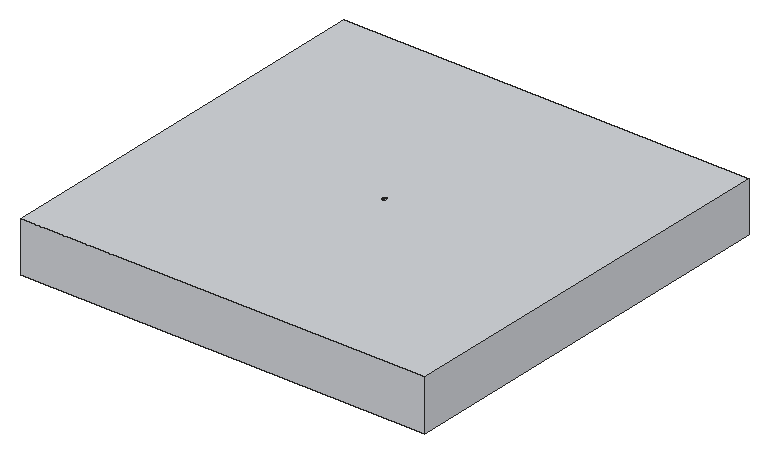
Revit family "Einschlaganker E und ES, gvz", category HLS-Bauteile, Revit 2018
Family settings
  Basisbauteil = Fläche
  Bemaßung runder Anschluss = Durchmesser verwenden
  Teiletyp = Normal
  Beim Laden mit Abzugskörper schneiden = Nein
  Gemeinsam genutzt = Ja
  Raumberechnungspunkt = Nein
Parameters (values of type "Einschlaganker E M16x65, gvz")
  vpe = "25 St"
  min. Einschraubtiefe = "18 mm"
  max. Einschraubtiefe = "23 mm"
  d1 = 10 mm
  Default Elevation = 1219.2 mm
  T = 65 mm
  Regelhalter [instance] = ""
  Mengeneinheit = "St"
  Material = "Stahl"
  Länge Gewinde = 23 mm
  Länge = 23 mm
  Kurztext2 = "M16 x 65"
  Kurztext1 = "Einschlaganker E"
  Gewinde = "M16"
  Gewicht pro Bauteil = Gewicht  # 0.102 kg
  Gewicht = 0.102 kg
  Firma = "MEFA Befestigungs- und Montagesysteme GmbH"
  Fabrikat = "MKT"
  EAN = "4043315011527"
  D = 7 mm
  Bohrlochtiefe = "65 mm"
  Bohrerdurchmesser = "20 mm"
  Artikelnummer = "210805500101"
Types (9, lengths in mm): name | vpe | min. Einschraubtiefe | max. Einschraubtiefe | d1 | T | Länge Gewinde | Länge | Kurztext2 | Kurztext1 | Gewinde | Gewicht pro Bauteil | Gewicht | Fabrikat | EAN | D | Bohrlochtiefe | Bohrerdurchmesser | Artikelnummer
  (no name) | "25 St" | "18 mm" | "23 mm" | 10 | 65 | 23 | 23 | "M16 x 65" | "Einschlaganker E" | "M16" | 0.102 kg | 0.102 kg | "MKT" | "4043315011527" | 7 | "65 mm" | "20 mm" | "210805500101"
  Einschlaganker E M 6x30, gvz | "100 St" | "7 mm" | "13 mm" | 4 | 30 | 13 | 13 | "M6 x 30" | "Einschlaganker E" | "M6" | 0.0084 kg | 0.0084 kg | "MKT" | "4043315010353" | 2.5 | "30 mm" | "8 mm" | "210805005101"
  Einschlaganker ES M 8x25, gvz | "100 St" | "8 mm" | "12 mm" | 5 | 25 | 12 | 12 | "M8 x 25" | "Einschlaganker ES" | "M8" | 0.0105 kg | 0.0105 kg | "MEFA" | "4250928457592" | 3.3 | "25 mm" | "10 mm" | "210805125101"
  Einschlaganker ES M 8x30, gvz | "100 St" | "9 mm" | "13 mm" | 5 | 30 | 13 | 13 | "M8 x 30" | "Einschlaganker ES" | "M8" | 0.0115 kg | 0.0115 kg | "MEFA" | "4043315097675" | 3.3 | "30 mm" | "10 mm" | "210805130101"
  Einschlaganker ES M 8x40, gvz | "100 St" | "9 mm" | "20 mm" | 5 | 40 | 20 | 20 | "M8 x 40" | "Einschlaganker ES" | "M8" | 0.0153 kg | 0.0153 kg | "MEFA" | "4043315010780" | 3.3 | "40 mm" | "10 mm" | "210805155101"
  Einschlaganker ES M10x25, gvz | "50 St" | "10 mm" | "12 mm" | 6 | 25 | 12 | 12 | "M10 x 25" | "Einschlaganker ES" | "M10" | 0.016 kg | 0.016 kg | "MEFA" | "4250928457608" | 4.2 | "25 mm" | "12 mm" | "210805225101"
  Einschlaganker ES M10x40, gvz | "50 St" | "11 mm" | "15 mm" | 6 | 40 | 15 | 15 | "M10 x 40" | "Einschlaganker ES" | "M10" | 0.022 kg | 0.022 kg | "MEFA" | "4043315097576" | 4.2 | "40 mm" | "12 mm" | "210805240101"
  Einschlaganker ES M12x50, gvz | "50 St" | "13 mm" | "18 mm" | 7.5 | 50 | 18 | 18 | "M12 x 50" | "Einschlaganker ES" | "M12" | 0.043 kg | 0.043 kg | "MEFA" | "4043315097682" | 5.1 | "50 mm" | "15 mm" | "210805330101"
  Einschlaganker E M16x65, gvz | "25 St" | "18 mm" | "23 mm" | 10 | 65 | 23 | 23 | "M16 x 65" | "Einschlaganker E" | "M16" | 0.102 kg | 0.102 kg | "MKT" | "4043315011527" | 7 | "65 mm" | "20 mm" | "210805500101"
Reference planes
  plane 1 "Mitte (Vorne/hinten)": y = 0
  plane 2: z = 0
  plane 3 "Mitte (Links/rechts)": x = 0
Forms (mm)
  Extrusion 1, solid
    sketch origin (0, 0, 0) x (1, 0, 0) y (0, 1, 0)
      loop
        line (-1219.2, 1219.2) -> (-1219.2, -1219.2) -> (1219.2, -1219.2) -> (1219.2, 1219.2) -> (-1219.2, 1219.2)
    from 0 to -304.8
  Extrusion 2, solid
    sketch origin (0, 0, 0) x (1, 0, 0) y (0, 1, 0)
      loop
        circle (0, 0) r 10
    from 0 to -65
  Extrusion 3, void
    sketch origin (0, 0, 0) x (1, 0, 0) y (0, 1, 0)
      loop
        circle (0, 0) r 7
    from 0 to -23
Cuts and joins
  Extrusion 3 cuts Extrusion 2
Lines and regions (mm)
  model lines
    curve 1: line (0, 0, 10) -> (0, 0, -75)
    curve 2: line (0, -15, 0) -> (0, 15, 0)
    curve 3: line (-15, 0, 0) -> (15, 0, 0)
Dimensions and locks
  "T": Extrusion 1 to Extrusion 2
  "Länge": Extrusion 1 to cut or joined group of Extrusion 2, Extrusion 3
  "d1": radius of Extrusion 2 sketch curve
  "D": radius of Extrusion 3 sketch curve
  aligned and locked: plane 2 to Extrusion 1
  aligned and locked: level to Extrusion 1
  aligned and locked: plane 1 "Mitte (Vorne/hinten)" to curve 1
  aligned and locked: curve 2 to level
  aligned and locked: curve 3 to level
Automatic sketch dimensions
  Extrusion 1 sketch curve to Extrusion 1 sketch curve = 2438.4 mm  (x2)
  plane 1 "Mitte (Vorne/hinten)" to curve 2 = 15 mm
  curve 2 to plane 1 "Mitte (Vorne/hinten)" = 15 mm
  curve 1 to level = 75 mm
  level to curve 1 = 10 mm
  curve 3 to plane 3 "Mitte (Links/rechts)" = 15 mm
  plane 3 "Mitte (Links/rechts)" to curve 3 = 15 mm
  plane 1 "Mitte (Vorne/hinten)" to Extrusion 2 sketch curve = 0 mm
  Extrusion 2 sketch curve to plane 3 "Mitte (Links/rechts)" = 0 mm
  plane 1 "Mitte (Vorne/hinten)" to Extrusion 3 sketch curve = 0 mm
  Extrusion 3 sketch curve to plane 3 "Mitte (Links/rechts)" = 0 mm
